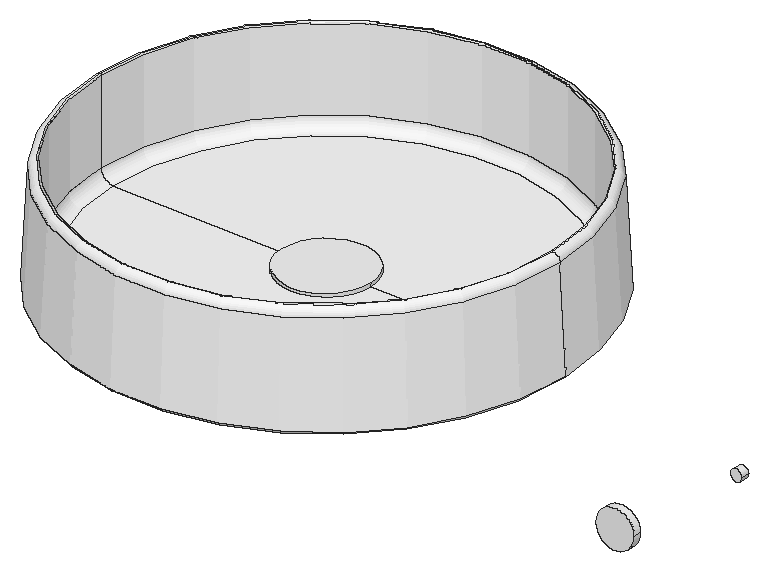
Revit family "Lavatory-Vessel_Transitional_LLT150_TOTO", category Plumbing Fixtures, Revit 2013
Parameters
  ecoScorecard_data = "http://toto.ecoscorecard.com/product/LLT150"
  ecoScorecard Product Page = "http://toto.ecoscorecard.com/product/LLT150"
  Width = 15 3/4"  # constant formula
  Waste Connection NPT Radius = 5/8"
  Waste Connection = yes
  Warranty URL = "http://www.totousa.com/warranty-registration"
  Warranty = "One Year Limited Warranty"  # constant formula
  WFU = 0
  Vent Connection = yes
  URL = "http://www.totousa.com"
  Toto BIM Number = "BM-00187"  # constant formula
  Subcategory = "Lavatories"  # constant formula
  Style = "Transitional"  # constant formula
  Spec Sheet URL = "http://assets.totousa.com/product-files/SS-00474_LLT150.pdf"
  Sink Type = "Lavatory"  # constant formula
  Sink Configuration = "Single Sink"  # constant formula
  Shipping Weight = 12.00 lbf
  Series = "Luminist"  # constant formula
  SanoGloss Available = no
  Sanitary Connetor = "Sanitary Connection"  # constant formula
  Product Page URL = " "
  Parts Manual URL = " "
  Owners Manual URL = "  "
  Mounting = "Vessel"  # constant formula
  Model = "LLT150"  # constant formula
  Material = "Epoxy Resin"  # constant formula
  Manufacturer Toll Free Phone = "1-888-295-8134"  # constant formula
  Manufacturer Phone = "(770) 282-8686"  # constant formula
  Manufacturer Fax = "(770) 282-0002"  # constant formula
  Manufacturer Email = "mailto:custservice@totousa.com"
  Manufacturer Address = "1155 Southern Road, Morrow, Georgia 30260"  # constant formula
  Manufacturer = "TOTO USA, Inc."  # constant formula
  Installation URL = " "
  Industry Standards = "Meets and exceeds ASME A112.19.2/CSA B45.1"  # constant formula
  Hot Water Connector = "Hot Water Connection"  # constant formula
  Hot Water Connection Radius = 3/16"
  Hot Water Connection Diameter = Hot Water Connection Radius * 2  # 3/8"
  Height = 4 11/32"
  HWFU = 0
  HW Connection = yes
  Finish = Epoxy Resin - TOTO - 61 Frosted White
  Description = "Round Vessel Lavatory"  # constant formula
  Depth = 15 3/4"  # constant formula
  Cost Info = "mailto:custservice@totousa.com"
  Color Availability = "#61 Frosted White"  # constant formula
  Cold Water Connector = "Cold Water Connection"  # constant formula
  Cold Water Connection Radius = 3/16"
  Cold Water Connection Diameter = Cold Water Connection Radius * 2  # 3/8"
  Code Compliance = "UPC, IPC, NSPC, NPC Canada, and others"  # constant formula
  Certifications = "IAPMO(cUPC), State of Massachusetts , City of Los Angeles, and others"  # constant formula
  CWFU = 0
  CW Connection = yes
  CAD Drawing URL = "http://assets.totousa.com/product-files/AD-00334_LLT150.dxf"
  Basin Diameter = 14 7/8"
  Assembly Code = "D2010310"
  ADA Compliant = yes
  95 CSI = "15410"  # constant formula
  04 CSI = "22 42 16"  # constant formula
Types (2): name | ecoScorecard_data | ecoScorecard Product Page
  (no name) | "http://toto.ecoscorecard.com/product/LLT150" | "http://toto.ecoscorecard.com/product/LLT150"
  LLT150 | " " | "  "
Reference planes (in)
  plane 1 "Center (Front/Back)": y = 0
  plane 2: z = 0
  plane 3 "Center (Left/Right)": x = 0
  plane 4: z = -12.48031
  plane 5: z = -9.48819
  plane 6: x = -4
  plane 7: x = 4
  plane 8 "Wall Closure": y = 11.875
  plane 9: x = -7.875
  plane 10: x = 7.875
  plane 11: y = 7.875
  plane 12: y = -7.875
  plane 13: z = 3.54331
  plane 14: z = -0.80044
  plane 15: y = 12.125
Dimensions and locks (in)
  locked: plane 5 to plane 4 at 2.99213
  locked: plane 3 "Center (Left/Right)" to plane 6 at 4
  locked: plane 7 to plane 3 "Center (Left/Right)" at 4
  equal spacing: plane 11, plane 1 "Center (Front/Back)", plane 12
  "Depth": plane 11 to plane 12
  equal spacing: plane 9, plane 3 "Center (Left/Right)", plane 10  (x2)
  "Width": plane 9 to plane 10
  plane 13 to plane 2 = 3.54331"
  "Height": plane 13 to plane 14
  plane 8 "Wall Closure" to plane 11 = 4"
  locked: plane 15 to plane 8 "Wall Closure" at 0.25
  aligned and locked: nested 1 to plane 3 "Center (Left/Right)"
  aligned and locked: nested 1 to plane 1 "Center (Front/Back)"
Nested families (in)
  nested 1: "LLT150" at (0, 0, 0), type "Standard"
    with Distance from Wall 4"
Connectors (in)
  piping at (-4, 12.12402, -9.48819), driven by "HWFU", driven by "Hot Water Connector", driven by "HW Connection", driven by "HW Connection", driven by "Hot Water Connection Radius"
    settings: on nested 1, index 1, connector radius 3/16", flow factor 0, pipe flow 0 GPM, pressure drop 0.00 psi, fitting loss kfactor 0, connector angle 0.00°, fixture units 0, engagement length 0", flow configuration 3, flow direction 1, fitting loss method 0, system type 19, joint type 0, gender type 0, connector reference index -1, connector utility 1, adjustable connector yes, is connector primary yes, fitting loss table "", connector description "Hot Water Connection"
  piping at (4, 12.12402, -9.48819), driven by "CWFU", driven by "Cold Water Connector", driven by "CW Connection", driven by "CW Connection", driven by "Cold Water Connection Radius"
    settings: on nested 1, index 2, connector radius 3/16", flow factor 0, pipe flow 0 GPM, pressure drop 0.00 psi, fitting loss kfactor 0, connector angle 0.00°, fixture units 0, engagement length 0", flow configuration 3, flow direction 1, fitting loss method 0, system type 20, joint type 0, gender type 0, connector reference index -1, connector utility 1, adjustable connector yes, is connector primary no, fitting loss table "", connector description "Cold Water Connection"
  piping at (0, 12.12402, -12.48031), driven by "Waste Connection NPT Radius", driven by "WFU", driven by "Waste Connection", driven by "Waste Connection", driven by "Sanitary Connetor"
    settings: on nested 1, index 3, connector radius 5/8", flow factor 0, pipe flow 0 GPM, pressure drop 0.00 psi, fitting loss kfactor 0, connector angle 0.00°, fixture units 0, engagement length 0", flow configuration 3, flow direction 2, fitting loss method 0, system type 16, joint type 0, gender type 0, connector reference index -1, connector utility 1, adjustable connector yes, is connector primary no, fitting loss table "", connector description "Sanitary Connection"
Definition of nested family "LLT150"
  Parameters (values of type "Standard")
    Width = 15.74803"  # constant formula
    Waste Connection Radius = 5/8"
    Waste Connection = yes
    WFU = 0
    Vent Connection = yes
    URL = ""
    Shipping Weight = 12.00 lbf
    Model = ""
    Manufacturer = ""
    Hot Water Connection Radius = 3/16"
    Height = 4.33071"  # constant formula
    HWFU = 0
    HW Connection = yes
    Finish = Epoxy Resin - TOTO - 61 Frosted White
    Description = ""
    Distance from Wall [instance] = 4"
    Depth = 15.74803"  # constant formula
    Cold Water Connection Radius = 3/16"
    CWFU = 0
    CW Connection = yes
    Assembly Code = ""
  Reference planes (in)
    plane 1 "Center (Front/Back)": y = 0
    plane 2: z = 0
    plane 3 "Center (Left/Right)": x = 0
    plane 4: z = -12.48031
    plane 5: z = -9.48819
    plane 6: x = -4
    plane 7: x = 4
    plane 8 "Wall Closure": y = 11.87402
    plane 9: x = -7.87402
    plane 10: x = 7.87402
    plane 11: y = 7.87402
    plane 12: y = -7.87402
    plane 13: z = 3.54331
    plane 14: z = -0.7874
    plane 15: y = 12.12402
  Forms (in)
    Extrusion 1, solid, material "Metal - TOTO - Chrome Polished"
      sketch origin (0, 0, 0) x (1, 0, 0) y (0, 0, 1)
        loop
          circle (0, -12.48031) r 0.625
        loop
          circle (-4, -9.48819) r 0.1875
        loop
          circle (4, -9.48819) r 0.1875
      from -12.12402 to -11.87402
    Revolve 2, solid, material "Epoxy Resin - TOTO - 61 Frosted White" <- "Finish", detail levels fine
      sketch origin (0, 0, 0) x (1, 0, 0) y (0, 0, 1)
        loop
          line (-1.08203, -0.7874) -> (-1.08203, 0.3937) -> (-7.02276, 0.3937)
          arc (-7.02276, 0.3937) -> (-7.30115, 0.50901) -> (-7.41646, 0.7874) r 0.3937
          line (-7.41646, 0.7874) -> (-7.41646, 3.50763)
          arc (-7.41646, 3.50763) -> (-7.42792, 3.5328) -> (-7.45442, 3.54068) r 0.03337
          arc (-7.45442, 3.54068) -> (-7.61922, 3.45437) -> (-7.69163, 3.283) r 0.27559
          line (-7.69163, 3.283) -> (-7.87402, 0) -> (-7.79528, -0.07874) -> (-6.46856, -0.07874)
          arc (-6.46856, -0.07874) -> (-6.19701, -0.08528) -> (-5.9261, -0.10487) r 5.64369
          line (-5.9261, -0.10487) -> (-1.91398, -0.4923)
          arc (-1.91398, -0.4923) -> (-1.69797, -0.56404) -> (-1.53448, -0.72239) r 0.51146
          arc (-1.53448, -0.72239) -> (-1.48279, -0.7701) -> (-1.4146, -0.7874) r 0.14304
          line (-1.4146, -0.7874) -> (-1.08203, -0.7874)
        axis (0, 3.54068) -> (0, -0.7874)
      angle from 0 to 360
    Extrusion 3, solid, material "Metal - TOTO - Chrome Polished", detail levels fine
      sketch origin (-60, -180, 3.54331) x (-1, 0, 0) y (0, -1, 0)
        loop
          circle (-60, -180) r 1.45669
      from -3.14961 to -3.04561
    Extrusion 4, solid, material "Epoxy Resin - TOTO - 61 Frosted White" <- "Finish", detail levels coarse
      sketch origin (-60, -180, 3.54331) x (-1, 0, 0) y (0, -1, 0)
        loop
          circle (-60, -180) r 7.87402
      from -4.33071 to 0
    Revolve 5, solid, material "Epoxy Resin - TOTO - 61 Frosted White" <- "Finish", detail levels medium
      sketch origin (0, 0, 0) x (1, 0, 0) y (0, 0, 1)
        loop
          line (-7.87402, 0) -> (-7.79528, -0.07874) -> (-6.46856, -0.07874)
          arc (-6.46856, -0.07874) -> (-6.19701, -0.08528) -> (-5.9261, -0.10487) r 5.64369
          line (-5.9261, -0.10487) -> (-1.91398, -0.4923)
          arc (-1.91398, -0.4923) -> (-1.69797, -0.56404) -> (-1.53448, -0.72239) r 0.51146
          arc (-1.53448, -0.72239) -> (-1.48279, -0.7701) -> (-1.4146, -0.7874) r 0.14304
          line (-1.4146, -0.7874) -> (0, -0.7874) -> (0, 0.3937) -> (-7.02276, 0.3937)
          arc (-7.02276, 0.3937) -> (-7.30115, 0.50901) -> (-7.41646, 0.7874) r 0.3937
          line (-7.41646, 0.7874) -> (-7.41646, 3.50763)
          arc (-7.41646, 3.50763) -> (-7.42792, 3.5328) -> (-7.45442, 3.54068) r 0.03337
          arc (-7.45442, 3.54068) -> (-7.61922, 3.45437) -> (-7.69163, 3.283) r 0.27559
          line (-7.69163, 3.283) -> (-7.87402, 0)
        axis (0, 3.54068) -> (0, -0.7874)
      angle from 0 to 360
  Lines and regions (in)
    symbolic lines, detail levels fine
      curve 1: arc (1.45669, 0, 3.54331) -> (0, 1.45669, 3.54331) -> (-1.45669, 0, 3.54331) r 1.45669
      curve 2: arc (-1.45669, 0, 3.54331) -> (0, -1.45669, 3.54331) -> (1.45669, 0, 3.54331) r 1.45669
    symbolic lines
      curve 3: arc (7.87402, 0, 3.54331) -> (0, 7.87402, 3.54331) -> (-7.87402, 0, 3.54331) r 7.87402
      curve 4: arc (-7.87402, 0, 3.54331) -> (0, -7.87402, 3.54331) -> (7.87402, 0, 3.54331) r 7.87402
      curve 24: line (-1.4044, 0, -0.7874) -> (1.4044, 0, -0.7874)
      curve 28: line (7.45401, 0, 3.54331) -> (-7.45401, 0, 3.54331)
      curve 31: line (0, -1.41732, -0.78706) -> (0, 1.41732, -0.78706)
      curve 52: line (0, -7.44572, 3.54331) -> (0, 7.44572, 3.54331)
    symbolic lines, detail levels medium+fine
      curve 5: circle (0, 0, 3.54331) r 7.41459 normal (0, 0, 1)
      curve 9: line (-7.87402, 0, 0) -> (-7.6918, 0, 3.27922)
      curve 10: arc (-7.6918, 0, 3.27922) -> (-7.61943, 0, 3.45315) -> (-7.45401, 0, 3.54331) r 0.28345
      curve 11: line (-7.87402, 0, 0) -> (-7.79528, 0, -0.07874)
      curve 12: line (-7.79528, 0, -0.07874) -> (0, 0, -0.07874)
      curve 13: arc (-1.4044, 0, -0.7874) -> (-1.48199, 0, -0.76806) -> (-1.54141, 0, -0.71455) r 0.16526
      curve 14: arc (-1.54141, 0, -0.71455) -> (-1.69263, 0, -0.56853) -> (-1.89016, 0, -0.49663) r 0.50554
      curve 15: line (-1.89016, 0, -0.49663) -> (-6.23424, 0, -0.07874)
      curve 16: line (-7.87402, 0, 0) -> (7.87402, 0, 0)
      curve 17: line (7.87402, 0, 0) -> (7.6918, 0, 3.27922)
      curve 18: arc (7.6918, 0, 3.27922) -> (7.61943, 0, 3.45315) -> (7.45401, 0, 3.54331) r 0.28345
      curve 19: line (7.87402, 0, 0) -> (7.79528, 0, -0.07874)
      curve 20: line (7.79528, 0, -0.07874) -> (0, 0, -0.07874)
      curve 21: arc (1.4044, 0, -0.7874) -> (1.48199, 0, -0.76806) -> (1.54141, 0, -0.71455) r 0.16526
      curve 22: arc (1.54141, 0, -0.71455) -> (1.69263, 0, -0.56853) -> (1.89016, 0, -0.49663) r 0.50554
      curve 23: line (1.89016, 0, -0.49663) -> (6.23424, 0, -0.07874)
      curve 33: line (0, 7.87402, 0) -> (0, 7.69162, 3.26043)
      curve 34: arc (0, 7.69162, 3.26043) -> (0, 7.62414, 3.45008) -> (0, 7.44572, 3.54331) r 0.27569
      curve 35: line (0, -7.87402, 0) -> (0, 7.87402, 0)
      curve 36: line (0, 7.87402, 0) -> (0, 7.79528, -0.07874)
      curve 37: line (0, 0, -0.07874) -> (0, 7.79528, -0.07874)
      curve 38: arc (0, 1.41732, -0.78706) -> (0, 1.47163, -0.77569) -> (0, 1.51682, -0.7435) r 0.1354
      curve 39: arc (0, 1.65227, -0.59607) -> (0, 1.57882, -0.66453) -> (0, 1.51682, -0.7435) r 0.64878
      curve 40: arc (0, 1.65227, -0.59607) -> (0, 1.76892, -0.52796) -> (0, 1.90012, -0.49587) r 0.46959
      curve 41: line (0, 1.90012, -0.49587) -> (0, 6.26494, -0.07874)
      curve 42: line (0, -7.87402, 0) -> (0, -7.69162, 3.26043)
      curve 43: arc (0, -7.69162, 3.26043) -> (0, -7.62414, 3.45008) -> (0, -7.44572, 3.54331) r 0.27569
      curve 44: line (0, -7.87402, 0) -> (0, -7.79528, -0.07874)
      curve 45: line (0, 0, -0.07874) -> (0, -7.79528, -0.07874)
      curve 46: arc (0, -1.41732, -0.78706) -> (0, -1.47163, -0.77569) -> (0, -1.51682, -0.7435) r 0.1354
      curve 47: arc (0, -1.65236, -0.596) -> (0, -1.57886, -0.66449) -> (0, -1.51682, -0.7435) r 0.64878
      curve 48: arc (0, -1.65236, -0.596) -> (0, -1.76897, -0.52794) -> (0, -1.90012, -0.49587) r 0.46959
      curve 49: line (0, -1.90012, -0.49587) -> (0, -6.26494, -0.07874)
    symbolic lines, detail levels coarse
      curve 6: line (7.87402, 0, 3.54331) -> (7.45401, 0, 3.54331)
      curve 7: line (-7.87402, 0, 3.54331) -> (-7.87402, 0, -0.7874)
      curve 8: line (7.87402, 0, 3.54331) -> (7.87402, 0, -0.7874)
      curve 25: line (-1.4044, 0, -0.7874) -> (-7.87402, 0, -0.7874)
      curve 26: line (1.4044, 0, -0.7874) -> (7.87402, 0, -0.7874)
      curve 27: line (-7.45401, 0, 3.54331) -> (-7.87402, 0, 3.54331)
      curve 29: line (0, -7.87402, 3.54331) -> (0, -7.44572, 3.54331)
      curve 30: line (0, 7.87402, -0.78706) -> (0, 7.87402, 3.54331)
      curve 32: line (0, -7.87402, -0.78706) -> (0, -7.87402, 3.54331)
      curve 50: line (0, -1.41732, -0.78706) -> (0, -7.87402, -0.78706)
      curve 51: line (0, 1.41732, -0.78706) -> (0, 7.87402, -0.78706)
      curve 53: line (0, 7.44572, 3.54331) -> (0, 7.87402, 3.54331)
  Dimensions and locks (in)
    locked: plane 5 to plane 4 at 2.99213
    locked: plane 3 "Center (Left/Right)" to plane 6 at 4
    locked: plane 7 to plane 3 "Center (Left/Right)" at 4
    locked: plane 3 "Center (Left/Right)" to Extrusion 1 sketch curve at 0
    locked: plane 4 to Extrusion 1 sketch curve at 0
    locked: plane 7 to Extrusion 1 sketch curve at 0
    locked: plane 5 to Extrusion 1 sketch curve at 0  (x2)
    locked: plane 6 to Extrusion 1 sketch curve at 0
    equal spacing: plane 11, plane 1 "Center (Front/Back)", plane 12
    "Depth": plane 11 to plane 12
    plane 9 to plane 3 "Center (Left/Right)" to plane 10 = 7.87402", 7.87402"
    "Width": plane 9 to plane 10
    plane 13 to plane 2 = 3.54331"
    "Height": plane 13 to plane 14
    locked: plane 13 to Revolve 2 sketch curve at 0.00263
    plane 3 "Center (Left/Right)" to Revolve 2 sketch curve to Revolve 2 sketch curve to Revolve 2 sketch curve to Revolve 2 sketch curve to Revolve 2 sketch curve to Revolve 2 sketch curve = 7.02276" locked, 0.3937" locked, 0" locked, 0.03796" locked, 0.2372" locked, 0.10365" locked
    Revolve 2 sketch curve to plane 2 to Revolve 2 sketch curve = 0.3937" locked, 0.07874" locked
    plane 3 "Center (Left/Right)" to Revolve 2 sketch curve to Revolve 2 sketch curve to Revolve 2 sketch curve to Revolve 2 sketch curve to Revolve 2 sketch curve = 1.4146" locked, 0.11988" locked, 0.3795" locked, 4.01212" locked, 0.54246" locked
    Extrusion 3 to Extrusion 3 = 0.104"
    locked: Extrusion 3 to Extrusion 3 at 0.104
    locked: Extrusion 3 sketch curve to plane 3 "Center (Left/Right)" at 0
    locked: Extrusion 3 sketch curve to plane 1 "Center (Front/Back)" at 0
    locked: plane 3 "Center (Left/Right)" to Extrusion 3 sketch curve at 1.45669
    equal spacing: plane 9, plane 3 "Center (Left/Right)", plane 10
    "Distance from Wall": plane 8 "Wall Closure" to plane 11
    locked: plane 15 to plane 8 "Wall Closure" at 0.25
    locked: Extrusion 3 to plane 14 at 1.2851
    Revolve 5 sketch curve to Revolve 5 sketch curve to Revolve 5 sketch curve to Revolve 5 sketch curve to Revolve 5 sketch curve to Revolve 5 sketch curve = 0.3937" locked, 0" locked, 0.03796" locked, 0.2372" locked, 0.10365" locked
    Revolve 5 sketch curve to Revolve 5 sketch curve = 0.47244"
    Revolve 5 sketch curve to Revolve 5 sketch curve to Revolve 5 sketch curve to Revolve 5 sketch curve to Revolve 5 sketch curve = 0.11988" locked, 0.3795" locked, 4.01212" locked, 0.54246" locked
    aligned and locked: Extrusion 1 to plane 8 "Wall Closure"
    aligned and locked: plane 9 to Revolve 2 sketch curve
    aligned: Extrusion 3 to Revolve 2
    aligned and locked: Revolve 2 to Extrusion 3
    aligned and locked: curve 1 to Extrusion 3
    aligned and locked: curve 2 to Extrusion 3
    aligned and locked: plane 15 to Extrusion 1
    aligned and locked: plane 14 to Extrusion 4
    aligned and locked: Extrusion 4 to plane 13
  Automatic sketch dimensions
    curve 27 to plane 9 = 0"
    curve 27 to plane 13 = 0"
    curve 13 to plane 14 = 0"
    curve 20 to plane 3 "Center (Left/Right)" = 0"
    curve 19 to level = 0"
    curve 19 to plane 10 = 0"
    curve 9 to level = 0"
    curve 17 to level = 0"
    plane 9 to curve 11 = 0.07874"
    plane 9 to curve 9 = 0.18222"
    curve 9 to curve 27 = 0.23779"
    plane 13 to curve 10 = 0.27982"
    curve 10 to curve 10 = 0.04522"
    curve 15 to level = 0.07874"
    curve 11 to curve 15 = 1.56103"
    plane 14 to curve 14 = 0.20985"
    curve 14 to plane 3 "Center (Left/Right)" = 1.96052"
    curve 14 to curve 14 = 0.07036"
    curve 14 to curve 13 = 0.34875"
    curve 14 to curve 13 = 0"
    curve 13 to curve 13 = 0.13701"
    plane 3 "Center (Left/Right)" to curve 21 = 1.4044"
    curve 21 to plane 14 = 0.07285"
    curve 21 to curve 21 = 0.13701"
    curve 22 to curve 21 = 0"
    curve 23 to plane 14 = 0.29077"
    curve 22 to curve 23 = 0.34875"
    curve 23 to plane 10 = 1.63977"
    curve 18 to plane 10 = 0.46523"
    curve 18 to curve 6 = 0.04522"
    curve 18 to plane 10 = 0.18222"
    curve 19 to plane 10 = 0.07874"
    curve 18 to curve 18 = 0.27982"
    curve 1 to curve 3 = 0"  (x2)
    curve 1 to curve 5 = 0"  (x2)
    curve 4 to plane 10 = 0"
    Revolve 2 sketch curve to plane 14 = 0"
    Revolve 2 sketch curve to plane 3 "Center (Left/Right)" = 0"
    Revolve 2 sketch curve to level = 0"
    Revolve 2 sketch curve to Revolve 2 sketch curve = 0"  (x3)
    Revolve 2 sketch curve to Revolve 2 sketch curve = 0.0046"
    plane 14 to Revolve 2 sketch curve = 0.21399"
    Revolve 2 sketch curve to Revolve 2 sketch curve = 0.04916"
    Revolve 2 sketch curve to plane 3 "Center (Left/Right)" = 1 21/256"
    plane 14 to Revolve 2 sketch curve = 3.74016"
    Revolve 2 sketch curve to plane 5 = 3.76576"
    Revolve 2 sketch curve to plane 13 = 0.98425"
    plane 1 "Center (Front/Back)" to Extrusion 4 sketch curve = 0"
    Extrusion 4 sketch curve to plane 3 "Center (Left/Right)" = 0"
    curve 32 to plane 12 = 0"
    plane 13 to curve 43 = 0"
    curve 37 to plane 1 "Center (Front/Back)" = 0"
    curve 36 to level = 0"
    curve 42 to level = 0"
    curve 44 to level = 0"
    plane 12 to curve 45 = 0.07874"
    plane 12 to curve 42 = 0.18239"
    curve 42 to curve 43 = 0.2459"
    plane 13 to curve 43 = 0.27409"
    curve 43 to curve 43 = 0.02966"
    curve 49 to level = 0.07874"
    curve 44 to curve 49 = 1.53034"
    plane 14 to curve 47 = 0.31608"
    plane 1 "Center (Front/Back)" to curve 47 = 2.05657"
    curve 47 to curve 48 = 0.11164"
    curve 49 to plane 14 = 0.29153"
    curve 48 to curve 49 = 0.0448"
    curve 48 to plane 14 = 49/256"
    curve 47 to curve 48 = 0"
    curve 46 to plane 14 = 0.04391"
    curve 47 to curve 50 = 0.0995"
    curve 51 to plane 14 = 0.00034"
    curve 51 to plane 1 "Center (Front/Back)" = 1.41732"
    curve 39 to plane 14 = 0.04391"
    curve 38 to curve 39 = 0.0995"
    curve 40 to plane 14 = 0.19133"
    curve 38 to curve 40 = 0.13545"
    curve 41 to plane 14 = 0.29153"
    curve 40 to curve 41 = 0.24785"
    plane 14 to curve 40 = 0.17592"
    curve 40 to curve 39 = 0.11164"
    curve 41 to plane 11 = 1.60908"
    curve 34 to plane 11 = 0.45795"
    curve 34 to curve 34 = 0.02966"
    curve 34 to plane 11 = 0.18239"
    curve 36 to plane 11 = 0.07874"
    plane 11 to curve 51 = 0"
    plane 13 to curve 34 = 0.28287"
    Revolve 5 sketch curve to level = 0"
    Revolve 5 sketch curve to plane 9 = 0"
    Revolve 5 sketch curve to plane 14 = 0"
    Revolve 5 sketch curve to plane 3 "Center (Left/Right)" = 0"  (x2)
    plane 9 to Revolve 5 sketch curve = 0.07874"
    Revolve 5 sketch curve to Revolve 5 sketch curve = 0"  (x3)
    Revolve 5 sketch curve to Revolve 5 sketch curve = 0.03337"
    Revolve 5 sketch curve to level = 0.07874"
    Revolve 5 sketch curve to Revolve 5 sketch curve = 0.5542"
    plane 14 to Revolve 5 sketch curve = 0.21399"
    Revolve 5 sketch curve to Revolve 5 sketch curve = 0.04916"
    plane 14 to Revolve 5 sketch curve = 0.5689"
    Revolve 5 sketch curve to plane 5 = 3.76576"
    Revolve 5 sketch curve to Revolve 5 sketch curve = 1 1/2"
    plane 13 to Revolve 5 sketch curve = 0.27559"
    radius of Extrusion 1 sketch curve = 5/8"
    radius of Extrusion 1 sketch curve = 3/16"  (x2)
    radius of curve 5 = 7.41459"
    radius of Extrusion 4 sketch curve = 7.87402"
